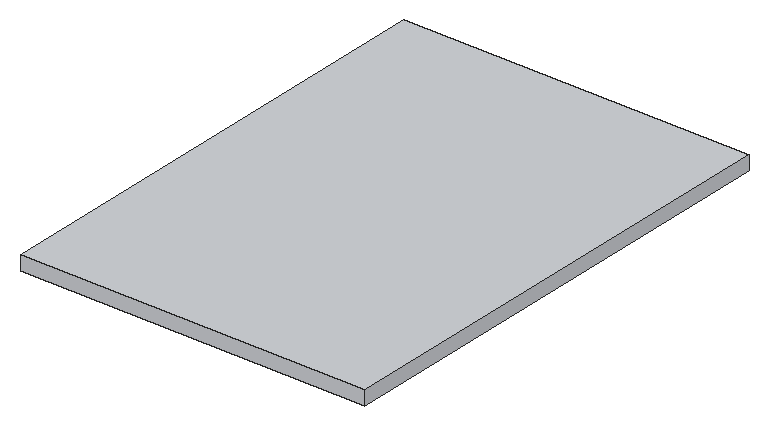
Revit family "MLR2-M1", category Lighting Fixtures, host Face, Revit 2019
Family settings
  Host = Face
  Round Connector Dimension = Use Diameter
  Part Type = Normal
  OmniClass Number = 23.80.70.11
  OmniClass Title = Luminaries for Internal Lighting
  Cut with Voids When Loaded = No
  Light Source = Yes
  Shared = No
  Room Calculation Point = No
Parameters
  Final Hanging Points [instance] = if(Fixture Length > 12' 0", 3, No of Hanging Points)  # 2
  No of Hanging Points = 2
  Emit from Rectangle Width = 2' - 0"
  Emit from Rectangle Length = 4' - 0"
  Emit Shape Visible in Rendering = no
  Default Elevation [instance] = 4' - 0"
  Cable Suspension = 0' - 0"
  Wattage Comments = ""
  Wattage = 7.40531 W
  built-in parameter 1150110 = 1 (stored number, unit not read)
  Voltage Comment = "120/277 UNV Volt"
  Voltage [instance] = 120 V
  URL = "https://mercltg.com/product/mlr2-m/"
  built-in parameter 1114217 = 1 (stored number, unit not read)
  Tilt Angle = 90.00°
  built-in parameter 1150109 = 1 (stored number, unit not read)
  built-in parameter 1150134 = (empty or 0)
  built-in parameter 1150113 = 1 (stored number, unit not read)
  No of Poles [instance] = 1
  Model = "MLR2-M1"
  Manufacturer = "Mercury Lighting"
  Load Classifcation = Lighting
  Load [instance] = 0 W
  Photometric Web File = "mer12182822.14-MLR2-M-48-525-35K-ASO-A401-U.ies"
  Lumens = 1100 lm
  built-in parameter 1150115 = 1 (stored number, unit not read)
  built-in parameter 1150105 = 87.535 (stored number, unit not read)
  built-in parameter 1150137 = (empty or 0)
  built-in parameter 1150139 = (empty or 0)
  Lens = Acrylic
  built-in parameter 1150112 = 1 (stored number, unit not read)
  built-in parameter 1150114 = 1 (stored number, unit not read)
  Lamp = "LED"
  built-in parameter 1150132 = 2
  built-in parameter 1150102 = (empty or 0)
  built-in parameter 1150138 = (empty or 0)
  built-in parameter 1150107 = 3000 (stored number, unit not read)
  built-in parameter 1150106 = 0.87535 (stored number, unit not read)
  Housing = Metal, Paint Finish, White, Matte
  Fixture Length [instance] = 4' - 0"
  Fixture width = 0' - 1 7/8"
  built-in parameter 1150104 = 13.8 (stored number, unit not read)
  Dimming Lamp Color Temperature Shift = (empty or 0)
  Color Filter = 16777215
  built-in parameter 1114218 = 1 (stored number, unit not read)
  built-in parameter 1150133 = 10 (stored number, unit not read)
  Apparent Load = 0 VA
Reference planes (in)
  plane 1 "Light Source Axis (F/B)": y = 0
  plane 2 "Ceiling": z = 0
  plane 3 "Light Source Axis (L/R)": x = 0
  plane 4 "Light Source Elevation": z = -2.5
  plane 5: x = 24
  plane 6: x = -24
  plane 7: x = 23.9375
  plane 8: x = -23.9375
  plane 9: z = 0
  plane 10: x = -23.5
  plane 11: x = 23.5
  plane 12: z = 0
  plane 13: x = -122.44502
Forms (in)
  Extrusion 1, solid, material "Metal, Paint Finish, White, Matte" <- "Housing"
    sketch origin (0, 0, -17.25) x (0, 1, 0) y (0, 0, 1)
      loop
        line (0.9375, 17.25) -> (-0.9375, 17.25) -> (-0.9375, 13.75) -> (-0.9375, 13) -> (-0.875, 13) -> (-0.875, 13.75) -> (0.875, 13.75) -> (0.875, 13) -> (0.9375, 13) -> (0.9375, 13.75) -> (0.9375, 17.25)
    from -24 to 24
  Extrusion 2, void
    sketch origin (0, 0, 0) x (0, 1, 0) y (0, 0, 1)
      loop
        line (0.875, -3.5) -> (0.875, -2.5) -> (-0.875, -2.5) -> (-0.875, -3.5) -> (0.875, -3.5)
    from -23.9375 to 23.9375
  Extrusion 3, solid, material "Acrylic" <- "Lens"
    sketch origin (0, 0, 0) x (0, 1, 0) y (0, 0, 1)
      loop
        line (0.875, -3.5) -> (0.875, -3.375) -> (-0.875, -3.375) -> (-0.875, -3.5) -> (0.875, -3.5)
    from -23.9375 to 23.9375
  Extrusion 4, solid
    sketch origin (0, 0, 0) x (1, 0, 0) y (0, 1, 0)
      loop
        line (-148, -206) -> (148, -206) -> (148, 206) -> (-148, 206) -> (-148, -206)
    from 0 to 12
  Extrusion 5, solid, material "Metal, Paint Finish, White, Matte" <- "Housing"
    sketch origin (0, 0, 0) x (0, 1, 0) y (0, 0, 1)
      loop
        line (-0.9375, 0) -> (-0.9375, -4.25) -> (0.9375, -4.25) -> (0.9375, 0) -> (-0.9375, 0)
    from 24 to 24.0625
  Extrusion 6, solid, material "Metal, Paint Finish, White, Matte" <- "Housing"
    sketch origin (0, 0, 0) x (0, 1, 0) y (0, 0, 1)
      loop
        line (0.9375, 0) -> (-0.9375, 0) -> (-0.9375, -4.25) -> (0.9375, -4.25) -> (0.9375, 0)
    from -24.0625 to -24
Cuts and joins
  Extrusion 2 cuts Extrusion 1
Dimensions and locks (in)
  equal spacing: Extrusion 1 sketch curve, imposter light, Extrusion 1 sketch curve
  "Fixture width": Extrusion 1 sketch curve to Extrusion 1 sketch curve
  locked: Extrusion 1 sketch curve to Extrusion 1 sketch curve at 3.5
  equal spacing: plane 5, plane 3 "Light Source Axis (L/R)", plane 6
  "Fixture Length": plane 5 to plane 6
  locked: plane 8 to plane 6 at 0.0625
  locked: plane 7 to plane 5 at 0.0625
  locked: cut or joined group of Extrusion 1, Extrusion 2 to Extrusion 2 sketch curve at 0.0625  (x2)
  locked: Extrusion 2 sketch curve to Extrusion 2 sketch curve at 1
  locked: Extrusion 3 sketch curve to Extrusion 3 sketch curve at 0.125
  "Cable Suspension": plane 2 "Ceiling" to plane 9
  plane 9 to plane 4 "Light Source Elevation" to Extrusion 3 = 0' - 2 1/2" locked, 0' - 0 7/8" locked
  locked: plane 10 to plane 6 at 0.5
  locked: plane 5 to plane 11 at 0.5
  locked: Extrusion 1 sketch curve to Extrusion 1 sketch curve at 0.75
  locked: Extrusion 6 to plane 6 at 0.0625
  locked: Extrusion 5 to Extrusion 5 at 0.0625
  aligned and locked: plane 3 "Light Source Axis (L/R)" to imposter light
  aligned and locked: plane 1 "Light Source Axis (F/B)" to imposter light
  aligned and locked: plane 4 "Light Source Elevation" to imposter light
  aligned and locked: plane 5 to Extrusion 1
  aligned and locked: Extrusion 1 to plane 6
  aligned and locked: plane 7 to Extrusion 2
  aligned and locked: Extrusion 2 to plane 8
  aligned and locked: plane 7 to Extrusion 3
  aligned and locked: Extrusion 3 to plane 8
  aligned and locked: cut or joined group of Extrusion 1, Extrusion 2 to Extrusion 2 sketch curve
  aligned and locked: cut or joined group of Extrusion 1, Extrusion 2 to Extrusion 3 sketch curve
  aligned and locked: imposter light to cut or joined group of Extrusion 1, Extrusion 2
  aligned and locked: Extrusion 3 sketch curve to cut or joined group of Extrusion 1, Extrusion 2  (x2)
  aligned and locked: Extrusion 1 sketch curve to Extrusion 1 sketch curve
  aligned and locked: Extrusion 5 sketch curve to cut or joined group of Extrusion 1, Extrusion 2  (x4)
  aligned and locked: Extrusion 5 to plane 5
  aligned and locked: Extrusion 6 sketch curve to plane 9
  aligned and locked: Extrusion 6 sketch curve to Extrusion 5  (x3)
  aligned and locked: plane 6 to Extrusion 6
Automatic sketch dimensions
  Extrusion 4 sketch curve to Extrusion 4 sketch curve = 24' - 8"
  Extrusion 4 sketch curve to Extrusion 4 sketch curve = 34' - 4"
  Extrusion 1 sketch curve to plane 2 "Ceiling" = 0' - 0"
  Extrusion 1 sketch curve to Extrusion 1 sketch curve = 0' - 0 1/16"  (x2)
  Extrusion 1 sketch curve to Extrusion 1 sketch curve = 0' - 0"  (x2)
Connectors (in)
  electrical at (0, 0, 0), driven by "Load Classifcation", driven by "Voltage", driven by "Load"
    settings: on cut or joined group of Extrusion 1, Extrusion 2, index 1, voltage 120 V, apparent load 0 VA, apparent load phase1 0 VA, apparent load phase2 0 VA, apparent load phase3 0 VA, power factor 1, load classification "Lighting", number of poles 1, system type 31, power factor state 1, is connector primary yes, connector utility no, sub classification motor no, connector description ""
